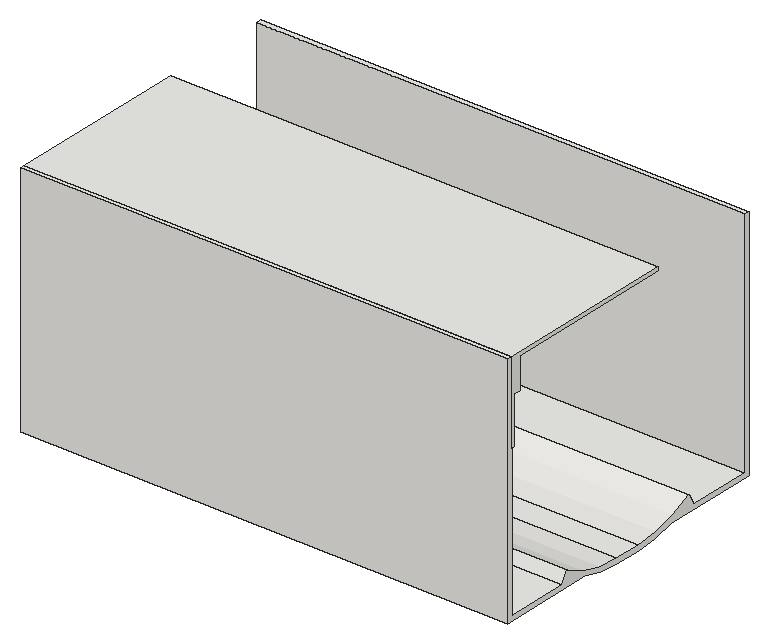
Revit family "Xtech_DécorSystems_CeilingRecess4", category Generic Models, Revit 2014 (continued)
Definition of nested family "Xtech_DécorSystems_DecorativeBridgeAssembly"
  Definition of nested family "Xtech_DécorSystems_DecorativeBridge"
    Lines and regions (mm)
      Masking region 2
        outline origin (0, 0, 0) x (1, 0, 0) y (0, 1, 0)
          loop
            line (36.213, -60) -> (3913.127, -60) -> (3941.105, 0) -> (24.55, 0) -> (36.213, -60)
      Masking region 3, detail levels coarse
        outline origin (0, 0, 0) x (0, 1, 0) y (0, 0, 1)
          loop
            line (-62.75, 0) -> (-2.8, 0) -> (-2.8, 44) -> (-62.75, 44) -> (-62.75, 0)
      reference lines
        curve 1: line (0, 126.3, 0) -> (125.934, -521.574, 0)
        curve 2: line (4000, 126.3, 0) -> (3805.596, -290.602, 0)
    Dimensions and locks
      "Length": plane 3 "Center (Left/Right)" to plane 5
      "Height": plane 4 to plane 2
      "Width": plane 1 "Center (Front/Back)" to plane 6
      locked: plane 9 to plane 1 "Center (Front/Back)" at 126.3
      locked: plane 5 to plane 11 at 50
      locked: plane 10 to plane 3 "Center (Left/Right)" at 50
      "LeftVoidAngle": angle plane 3 "Center (Left/Right)" to curve 1
      "RightVoidAngle": angle curve 2 to plane 5
      aligned and locked: level to plane 2
      aligned and locked: plane 5 to Sweep 1 sketch curve
      aligned and locked: plane 3 "Center (Left/Right)" to Sweep 1 sketch curve
      aligned and locked: plane 5 to Extrusion 2
      aligned and locked: Masking region 2 sketch curve to plane 1 "Center (Front/Back)"
      aligned and locked: Masking region 2 sketch curve to plane 6
      aligned and locked: curve 1 to Masking region 2 sketch curve
      aligned and locked: Masking region 2 sketch curve to curve 2
      aligned and locked: Extrusion 3 sketch curve to plane 9
      aligned and locked: Extrusion 3 sketch curve to curve 1
      aligned and locked: Extrusion 3 sketch curve to plane 10
      aligned and locked: Extrusion 3 sketch curve to plane 7
      aligned and locked: Extrusion 4 sketch curve to curve 2
      aligned and locked: plane 9 to Extrusion 4 sketch curve
      aligned and locked: Extrusion 4 sketch curve to plane 11
      aligned and locked: Extrusion 4 sketch curve to plane 7
      aligned and locked: Sweep 1 sketch curve to plane 6
    Automatic sketch dimensions
      plane 1 "Center (Front/Back)" to Sweep 1 sketch curve = 0 mm
      Sweep 1 sketch curve to level = 0 mm  (x2)
      Sweep 1 sketch curve to profile plane = 0 mm
      profile plane to Sweep 1 sketch curve = 1.582 mm
      Sweep 1 sketch curve to Sweep 1 sketch curve = 0 mm  (x2)
      Sweep 1 sketch curve to Sweep 1 sketch curve = 17.03 mm
      Sweep 1 sketch curve to Sweep 1 sketch curve = 1.637 mm  (x6)
      Sweep 1 sketch curve to Sweep 1 sketch curve = 4.474 mm  (x2)
      Sweep 1 sketch curve to Sweep 1 sketch curve = 7.421 mm
      level to Sweep 1 sketch curve = 3.274 mm
      level to Sweep 1 sketch curve = 24.357 mm
      Sweep 1 sketch curve to Sweep 1 sketch curve = 13.662 mm
      Sweep 1 sketch curve to Sweep 1 sketch curve = 0.327 mm  (x3)
      Sweep 1 sketch curve to Sweep 1 sketch curve = 1.31 mm
      Masking region 1 sketch curve to plane 6 = 0 mm  (x3)
      Masking region 1 sketch curve to plane 4 = 0 mm  (x2)
      Masking region 1 sketch curve to level = 0 mm  (x2)
      Masking region 1 sketch curve to plane 1 "Center (Front/Back)" = 0 mm  (x2)
      Masking region 1 sketch curve to plane 6 = 1.75 mm  (x2)
      Masking region 1 sketch curve to Masking region 1 sketch curve = 1 mm  (x2)
      plane 6 to Masking region 1 sketch curve = 1.637 mm  (x2)
      Masking region 1 sketch curve to plane 4 = 1.637 mm  (x3)
      Masking region 1 sketch curve to Masking region 1 sketch curve = 17.051 mm
      Masking region 1 sketch curve to Masking region 1 sketch curve = 1.637 mm  (x10)
      Masking region 1 sketch curve to Masking region 1 sketch curve = 4.474 mm
      Masking region 1 sketch curve to Masking region 1 sketch curve = 7.421 mm
      Masking region 1 sketch curve to Masking region 1 sketch curve = 16.369 mm
      plane 1 "Center (Front/Back)" to Masking region 1 sketch curve = 4.638 mm  (x2)
      Masking region 1 sketch curve to Masking region 1 sketch curve = 4.638 mm
      plane 1 "Center (Front/Back)" to Masking region 1 sketch curve = 1.582 mm  (x3)
      plane 1 "Center (Front/Back)" to Masking region 1 sketch curve = 0.491 mm
      Masking region 1 sketch curve to Masking region 1 sketch curve = 1.289 mm
      Masking region 1 sketch curve to Masking region 1 sketch curve = 2 mm  (x4)
      Masking region 1 sketch curve to Masking region 1 sketch curve = 4.256 mm
      Masking region 1 sketch curve to Masking region 1 sketch curve = 4.911 mm
      Masking region 1 sketch curve to Masking region 1 sketch curve = 18.006 mm
      Masking region 1 sketch curve to Masking region 1 sketch curve = 12.986 mm
      Masking region 1 sketch curve to Masking region 1 sketch curve = 8.48 mm
      Masking region 1 sketch curve to Masking region 1 sketch curve = 3.82 mm
      Masking region 1 sketch curve to plane 4 = 1.31 mm  (x2)
      Masking region 3 sketch curve to plane 4 = 0 mm
      Extrusion 2 sketch curve to plane 4 = 0 mm  (x2)
      Extrusion 2 sketch curve to level = 0 mm  (x2)
      Extrusion 2 sketch curve to plane 6 = 2.75 mm
      plane 6 to Extrusion 2 sketch curve = 1.637 mm
      Extrusion 2 sketch curve to plane 4 = 1.31 mm  (x2)
      plane 6 to Extrusion 2 sketch curve = 20.325 mm
      Extrusion 2 sketch curve to Extrusion 2 sketch curve = 4.474 mm
      Extrusion 2 sketch curve to Extrusion 2 sketch curve = 7.421 mm
      Extrusion 2 sketch curve to Extrusion 2 sketch curve = 16.369 mm
      plane 1 "Center (Front/Back)" to Extrusion 2 sketch curve = 4.638 mm
      Extrusion 2 sketch curve to Extrusion 2 sketch curve = 1.838 mm
      Extrusion 2 sketch curve to Extrusion 2 sketch curve = 3.274 mm
      Extrusion 2 sketch curve to Extrusion 2 sketch curve = 16.697 mm
      profile plane to Sweep 1 sketch curve = 4.638 mm
      Sweep 1 sketch curve to Sweep 1 sketch curve = 3.056 mm
      Sweep 1 sketch curve to Sweep 1 sketch curve = 10.804 mm
      Sweep 1 sketch curve to Sweep 1 sketch curve = 18.006 mm
      Masking region 3 sketch curve to Masking region 3 sketch curve = 59.95 mm
      Masking region 3 sketch curve to level = 0 mm
      Masking region 3 sketch curve to plane 7 = 0 mm
      curve 1 to plane 3 "Center (Left/Right)" = 0 mm
      curve 2 to plane 5 = 0 mm
      plane 9 to curve 2 = 0 mm
      curve 1 to plane 9 = 0 mm
  Definition of nested family "Xtech_DécorSystems_VerticalDrylining"
    Parameters (values of type "VD")
      Width = 22 mm  # constant formula
      WarrantyStartDate [instance] = "1900-12-31T23:59:59"
      WarrantyGuarantorParts = "n/a"
      WarrantyGuarantorLabor = "n/a"
      WarrantyDurationUnit = "year"
      WarrantyDurationParts = "n/a"
      WarrantyDurationLabor = "n/a"
      WarrantyDescription = "n/a"
      Version = "1"
      Uniclass2 = ""
      TagNumber [instance] = "n/a"
      SustainabilityPerformance = "n/a"
      Size = "n/a"
      Shape = "n/a"
      SerialNumber [instance] = "n/a"
      RightVoidAngle [instance] = 25.00°
      Revision = "n/a"
      ReplacementCost = "n/a"
      ProductInformation = ""
      NominalWidth = 0 mm
      NominalLength = 0 mm
      NominalHeight = 0 mm
      Name = ""
      NBSTypeID = ""
      NBSReference = ""
      NBSOfficeMasterTag = ""
      NBSNote = ""
      NBSDescription = ""
      NBSCertification = ""
      ModelReference = "n/a"
      ModelNumber = "n/a"
      Material = "n/a"
      ManufacturerURL = ""
      ManufacturerName = ""
      Length [instance] = 4000 mm
      LeftVoidAngle [instance] = 30.00°
      InstallationDate [instance] = "1900-12-31T23:59:59"
      IfcExportType = ""
      IfcExportAs = ""
      Height = 35.7 mm  # constant formula
      Grade = "n/a"
      Finish = "n/a"
      Features = "n/a"
      ExpectedLife = "n/a"
      DurationUnit = "year"
      Description = "NBS standard template"
      Constituents = "n/a"
      Color = "n/a"
      CodePerformance = "n/a"
      Category = "n/a"
      BodyMaterial = Xtech_DécorSystems_AluminiumAlloy_White_RAL9016
      BarCode [instance] = "n/a"
      BIMObjectName = "Role_Source_Type_Generic"
      Author = ""
      AssetType = ""
      AssetIdentifier [instance] = "n/a"
      AccessibilityPerformance = "n/a"
    Reference planes
      plane 1 "Center (Front/Back)": y = 0
      plane 2: z = 0
      plane 3 "Center (Left/Right)": x = 0
      plane 4: x = 4000
      plane 5: z = 35.7
      plane 6: y = -22
      plane 7: x = -50
      plane 8: x = 4050
      plane 9: y = 186.3
    Forms (mm)
      Sweep 1, solid, material "Xtech_DécorSystems_AluminiumAlloy_White_RAL9016" <- "BodyMaterial", detail levels medium+fine
        path origin (-1000, 0, 0) x (1, 0, 0) y (0, 1, 0)
          loop
            line (1000, 0) -> (5000, 0)
        profile origin (2000, 0, 0) x (0, 1, 0) y (0, 0, 1)
          loop
            line (-19, 26.5) -> (-22, 26.5) -> (-22, 0) -> (0, 0) -> (0, 35.7) -> (-1.35, 35.7) -> (-1.35, 14.4) -> (-4.25, 14.4) -> (-4.25, 1.5) -> (-19, 1.5) -> (-19, 26.5)
      Extrusion 2, solid, material "Xtech_DécorSystems_AluminiumAlloy_White_RAL9016" <- "BodyMaterial", detail levels coarse
        sketch origin (0, 0, 0) x (0, 1, 0) y (0, 0, 1)
          loop
            line (-4.25, 26.517) -> (-22, 26.517) -> (-22, 0) -> (-2.8, 0) -> (-2.8, 35.7) -> (-4.25, 35.7) -> (-4.25, 26.517)
        from 0 to 4000
      Extrusion 3, void
        sketch origin (0, 0, 0) x (1, 0, 0) y (0, 1, 0)
          loop
            line (-50, 186.3) -> (-50, -22) -> (120.262, -22) -> (0, 186.3) -> (-50, 186.3)
        from 0 to 250
      Extrusion 4, void
        sketch origin (0, 0, 0) x (1, 0, 0) y (0, 1, 0)
          loop
            line (4000, 186.3) -> (3902.868, -22) -> (4050, -22) -> (4050, 186.3) -> (4000, 186.3)
        from 0 to 250
    Cuts and joins
      Extrusion 3, Extrusion 4 cuts Sweep 1
      Extrusion 3, Extrusion 4 cuts Extrusion 2
    Lines and regions (mm)
      Masking region 1, detail levels medium+fine
        outline origin (0, 0, 0) x (0, 1, 0) y (0, 0, 1)
          loop
            line (-19, 26.517) -> (-20.5, 26.517) -> (-20.5, 1.5) -> (-22, 1.5) -> (-22, 0) -> (0, 0) -> (0, 1.5) -> (-2.75, 1.5) -> (-2.75, 12.9) -> (-1.35, 12.9) -> (-1.35, 8.4) -> (-0.35, 8.4) -> (-0.35, 35.7) -> (-1.35, 35.7) -> (-1.35, 14.4) -> (-4.25, 14.4) -> (-4.25, 1.5) -> (-19, 1.5) -> (-19, 26.517)
      Masking region 2
        outline origin (0, 0, 0) x (1, 0, 0) y (0, 1, 0)
          loop
            line (107.56, 0) -> (120.262, -22) -> (3902.868, -22) -> (3913.127, 0) -> (107.56, 0)
      Masking region 3, detail levels coarse
        outline origin (0, 0, 0) x (0, 1, 0) y (0, 0, 1)
          loop
            line (-22, 26.517) -> (-22, 0) -> (-2.8, 0) -> (-2.8, 35.7) -> (-4.25, 35.7) -> (-4.25, 26.517) -> (-22, 26.517)
      reference lines
        curve 1: line (0, 186.3, 0) -> (227.5, -207.742, 0)
        curve 2: line (4000, 186.3, 0) -> (3856.31, -121.845, 0)
    Dimensions and locks
      "Length": plane 3 "Center (Left/Right)" to plane 4
      "Width": plane 1 "Center (Front/Back)" to plane 6
      "Height": plane 5 to plane 2
      locked: plane 7 to plane 3 "Center (Left/Right)" at 50
      locked: plane 4 to plane 8 at 50
      locked: plane 1 "Center (Front/Back)" to plane 9 at 186.3
      "LeftVoidAngle": angle plane 3 "Center (Left/Right)" to curve 1
      "RightVoidAngle": angle curve 2 to plane 4
      aligned and locked: level to plane 2
      aligned and locked: plane 1 "Center (Front/Back)" to Sweep 1 sketch curve
      aligned and locked: Sweep 1 sketch curve to plane 6
      aligned and locked: Sweep 1 sketch curve to profile plane
      aligned and locked: Sweep 1 sketch curve to plane 5
      aligned and locked: plane 4 to Extrusion 2
      aligned and locked: plane 4 to Sweep 1
      aligned and locked: plane 3 "Center (Left/Right)" to Sweep 1 sketch curve
      aligned and locked: Masking region 2 sketch curve to plane 6
      aligned and locked: plane 1 "Center (Front/Back)" to Masking region 2 sketch curve
      aligned and locked: Masking region 3 sketch curve to Extrusion 2  (x6)
      aligned and locked: curve 1 to Masking region 2 sketch curve
      aligned and locked: Extrusion 3 sketch curve to plane 7
      aligned and locked: Extrusion 3 sketch curve to plane 9
      aligned and locked: Extrusion 3 sketch curve to curve 1
      aligned and locked: Extrusion 3 sketch curve to plane 6
      aligned and locked: curve 2 to Masking region 2 sketch curve
      aligned and locked: Extrusion 4 sketch curve to curve 2
      aligned and locked: plane 9 to Extrusion 4 sketch curve
      aligned and locked: Extrusion 4 sketch curve to plane 8
      aligned and locked: plane 6 to Extrusion 4 sketch curve
    Automatic sketch dimensions
      Sweep 1 sketch curve to level = 0 mm
      Sweep 1 sketch curve to Sweep 1 sketch curve = 3 mm
      level to Sweep 1 sketch curve = 1.5 mm
      profile plane to Sweep 1 sketch curve = 1.35 mm
      Sweep 1 sketch curve to Sweep 1 sketch curve = 12.1 mm
      Masking region 1 sketch curve to plane 6 = 0 mm
      Masking region 1 sketch curve to plane 5 = 0 mm
      Masking region 1 sketch curve to plane 1 "Center (Front/Back)" = 0 mm
      Masking region 1 sketch curve to level = 0 mm
      Masking region 1 sketch curve to Masking region 1 sketch curve = 1.5 mm  (x4)
      level to Masking region 1 sketch curve = 1.5 mm  (x3)
      plane 1 "Center (Front/Back)" to Masking region 1 sketch curve = 4.25 mm
      plane 1 "Center (Front/Back)" to Masking region 1 sketch curve = 1.35 mm  (x2)
      plane 1 "Center (Front/Back)" to Masking region 1 sketch curve = 0.35 mm
      Masking region 1 sketch curve to Masking region 1 sketch curve = 6.9 mm
      Masking region 1 sketch curve to Masking region 1 sketch curve = 4.5 mm
      Masking region 1 sketch curve to plane 5 = 9.183 mm
      Extrusion 2 sketch curve to level = 0 mm
      plane 1 "Center (Front/Back)" to Extrusion 2 sketch curve = 4.25 mm
      Extrusion 2 sketch curve to plane 5 = 9.183 mm
      Extrusion 2 sketch curve to plane 6 = 0 mm
      plane 1 "Center (Front/Back)" to Extrusion 2 sketch curve = 2.8 mm
      Extrusion 2 sketch curve to plane 5 = 0 mm
      Sweep 1 sketch curve to plane 4 = 0 mm
      Sweep 1 sketch curve to Sweep 1 sketch curve = 2.9 mm
      Sweep 1 sketch curve to Sweep 1 sketch curve = 12.9 mm
      curve 1 to plane 3 "Center (Left/Right)" = 0 mm
      curve 2 to plane 4 = 0 mm
      plane 9 to curve 2 = 0 mm
      curve 1 to plane 9 = 0 mm
  Definition of nested family "Xtech_DécorSystems_HorizontalDrylining"
    Parameters (values of type "HD")
      Width = 29 mm  # constant formula
      WarrantyStartDate [instance] = "1900-12-31T23:59:59"
      WarrantyGuarantorParts = "n/a"
      WarrantyGuarantorLabor = "n/a"
      WarrantyDurationUnit = "year"
      WarrantyDurationParts = "n/a"
      WarrantyDurationLabor = "n/a"
      WarrantyDescription = "n/a"
      Version = "1"
      Uniclass2 = ""
      TagNumber [instance] = "n/a"
      SustainabilityPerformance = "n/a"
      Size = "n/a"
      Shape = "n/a"
      SerialNumber [instance] = "n/a"
      RightVoidAngle [instance] = 22.00°
      Revision = "n/a"
      ReplacementCost = "n/a"
      ProductInformation = ""
      NominalWidth = 0 mm
      NominalLength = 0 mm
      NominalHeight = 0 mm
      Name = ""
      NBSTypeID = ""
      NBSReference = ""
      NBSOfficeMasterTag = ""
      NBSNote = ""
      NBSDescription = ""
      NBSCertification = ""
      ModelReference = "n/a"
      ModelNumber = "n/a"
      Material = "n/a"
      ManufacturerURL = ""
      ManufacturerName = ""
      Length [instance] = 4000 mm
      LeftVoidAngle [instance] = 29.00°
      InstallationDate [instance] = "1900-12-31T23:59:59"
      IfcExportType = ""
      IfcExportAs = ""
      Height = 35.4 mm  # constant formula
      Grade = "n/a"
      Finish = "n/a"
      Features = "n/a"
      ExpectedLife = "n/a"
      DurationUnit = "year"
      Description = "NBS standard template"
      Constituents = "n/a"
      Color = "n/a"
      CodePerformance = "n/a"
      Category = "n/a"
      BodyMaterial = Xtech_DécorSystems_AluminiumAlloy_White_RAL9016
      BarCode [instance] = "n/a"
      BIMObjectName = "Role_Source_Type_Generic"
      Author = ""
      AssetType = ""
      AssetIdentifier [instance] = "n/a"
      AccessibilityPerformance = "n/a"
    Reference planes
      plane 1 "Center (Front/Back)": y = 0
      plane 2: z = 0
      plane 3 "Center (Left/Right)": x = 0
      plane 4: x = 4000
      plane 5: y = -29
      plane 6: z = 35.4
      plane 7: y = 186.3
      plane 8: x = -50
      plane 9: x = 4050
    Forms (mm)
      Sweep 1, solid, material "Xtech_DécorSystems_AluminiumAlloy_White_RAL9016" <- "BodyMaterial", detail levels medium+fine
        path origin (0, 0, 0) x (1, 0, 0) y (0, 1, 0)
          loop
            line (0, 0) -> (4000, 0)
        profile origin (2000, 0, 0) x (0, 1, 0) y (0, 0, 1)
          loop
            line (-4.289, 14.531) -> (-4.289, 3.03) -> (-29, 3.03) -> (-29, 1.277) -> (-1.515, 1.277) -> (-1.515, 0) -> (0, 0) -> (0, 35.4) -> (-1.364, 35.4) -> (-1.364, 14.531) -> (-4.289, 14.531)
      Extrusion 2, solid, material "Xtech_DécorSystems_AluminiumAlloy_White_RAL9016" <- "BodyMaterial", detail levels coarse
        sketch origin (0, 0, 0) x (0, 1, 0) y (0, 0, 1)
          loop
            line (-29, 3.03) -> (-29, 0) -> (-2.8, 0) -> (-2.8, 35.4) -> (-4.289, 35.4) -> (-4.289, 3.03) -> (-29, 3.03)
        from 0 to 4000
      Extrusion 3, void
        sketch origin (0, 0, 0) x (1, 0, 0) y (0, 1, 0)
          loop
            line (0, 186.3) -> (-50, 186.3) -> (-50, -29) -> (119.343, -29) -> (0, 186.3)
        from 0 to 150
      Extrusion 4, void
        sketch origin (0, 0, 0) x (1, 0, 0) y (0, 1, 0)
          loop
            line (4000, 186.3) -> (3913.013, -29) -> (4050, -29) -> (4050, 186.3) -> (4000, 186.3)
        from 0 to 150
    Cuts and joins
      Extrusion 3, Extrusion 4 cuts Sweep 1
      Extrusion 3, Extrusion 4 cuts Extrusion 2
    Lines and regions (mm)
      Masking region 1, detail levels coarse
        outline origin (0, 0, 0) x (0, 1, 0) y (0, 0, 1)
          loop
            line (-29, 3.03) -> (-29, 0) -> (-2.8, 0) -> (-2.8, 35.4) -> (-4.289, 35.4) -> (-4.289, 3.03) -> (-29, 3.03)
      Masking region 2, detail levels medium+fine
        outline origin (0, 0, 0) x (0, 1, 0) y (0, 0, 1)
          loop
            line (-4.289, 14.531) -> (-4.289, 3.03) -> (-29, 3.03) -> (-29, 1.277) -> (-1.515, 1.277) -> (-1.515, 0) -> (0, 0) -> (0, 3.03) -> (-2.776, 3.03) -> (-2.776, 13.017) -> (-1.364, 13.017) -> (-1.364, 8.477) -> (-0.355, 8.477) -> (-0.355, 35.4) -> (-1.364, 35.4) -> (-1.364, 14.531) -> (-4.289, 14.531)
      Masking region 3
        outline origin (0, 0, 0) x (1, 0, 0) y (0, 1, 0)
          loop
            line (119.343, -29) -> (3913.013, -29) -> (3924.73, 0) -> (103.268, 0) -> (119.343, -29)
      reference lines
        curve 1: line (0, 186.3, 0) -> (155.139, -93.578, 0)
        curve 2: line (4000, 186.3, 0) -> (3827.681, -240.205, 0)
    Dimensions and locks
      "Length": plane 4 to plane 3 "Center (Left/Right)"
      "Width": plane 1 "Center (Front/Back)" to plane 5
      "Height": plane 6 to plane 2
      locked: plane 1 "Center (Front/Back)" to Masking region 1 sketch curve at 2.8
      locked: plane 7 to plane 1 "Center (Front/Back)" at 186.3
      locked: plane 8 to plane 3 "Center (Left/Right)" at 50
      locked: plane 4 to plane 9 at 50
      "LeftVoidAngle": angle plane 3 "Center (Left/Right)" to curve 1
      "RightVoidAngle": angle curve 2 to plane 4
      aligned and locked: level to plane 2
      aligned and locked: plane 4 to Sweep 1 sketch curve
      aligned and locked: plane 3 "Center (Left/Right)" to Sweep 1 sketch curve
      aligned and locked: plane 1 "Center (Front/Back)" to Sweep 1 sketch curve
      aligned and locked: Sweep 1 sketch curve to profile plane  (x2)
      aligned and locked: Sweep 1 sketch curve to plane 5
      aligned and locked: plane 6 to Sweep 1
      aligned and locked: plane 4 to Extrusion 2
      aligned and locked: Masking region 3 sketch curve to plane 5
      aligned and locked: Masking region 3 sketch curve to plane 1 "Center (Front/Back)"
      aligned and locked: Extrusion 2 sketch curve to Masking region 1
      aligned and locked: curve 1 to Masking region 3 sketch curve
      aligned and locked: Extrusion 3 sketch curve to plane 7
      aligned and locked: Extrusion 3 sketch curve to curve 1
      aligned and locked: Extrusion 3 sketch curve to plane 5
      aligned and locked: Extrusion 3 sketch curve to plane 8
      aligned and locked: Masking region 3 sketch curve to curve 2
      aligned and locked: Extrusion 4 sketch curve to curve 2
      aligned and locked: Extrusion 4 sketch curve to plane 9
      aligned and locked: cut or joined group of Extrusion 2, Extrusion 3, Extrusion 4 to Extrusion 4 sketch curve
      aligned and locked: Extrusion 4 sketch curve to plane 7
    Automatic sketch dimensions
      Sweep 1 sketch curve to Sweep 1 sketch curve = 1.515 mm
      level to Sweep 1 sketch curve = 3.03 mm
      level to Sweep 1 sketch curve = 1.277 mm
      Sweep 1 sketch curve to Sweep 1 sketch curve = 34.123 mm
      Sweep 1 sketch curve to Sweep 1 sketch curve = 20.869 mm
      level to Extrusion 2 sketch curve = 3.03 mm
      Extrusion 2 sketch curve to plane 6 = 0 mm
      Extrusion 2 sketch curve to plane 5 = 0 mm
      Extrusion 2 sketch curve to level = 0 mm
      plane 1 "Center (Front/Back)" to Extrusion 2 sketch curve = 4.289 mm
      Masking region 1 sketch curve to plane 5 = 0 mm
      Masking region 1 sketch curve to plane 6 = 0 mm
      Masking region 1 sketch curve to level = 0 mm
      plane 1 "Center (Front/Back)" to Masking region 1 sketch curve = 4.289 mm
      level to Masking region 1 sketch curve = 3.03 mm
      Masking region 2 sketch curve to plane 5 = 0 mm
      Masking region 2 sketch curve to level = 0 mm
      Masking region 2 sketch curve to plane 6 = 0 mm
      Masking region 2 sketch curve to plane 1 "Center (Front/Back)" = 0 mm
      plane 1 "Center (Front/Back)" to Masking region 2 sketch curve = 4.289 mm
      Masking region 2 sketch curve to Masking region 2 sketch curve = 1.513 mm  (x2)
      plane 1 "Center (Front/Back)" to Masking region 2 sketch curve = 1.515 mm
      plane 1 "Center (Front/Back)" to Masking region 2 sketch curve = 1.364 mm  (x2)
      plane 1 "Center (Front/Back)" to Masking region 2 sketch curve = 0.355 mm
      level to Masking region 2 sketch curve = 1.277 mm
      level to Masking region 2 sketch curve = 3.03 mm
      Masking region 2 sketch curve to Masking region 2 sketch curve = 1.753 mm
      Masking region 2 sketch curve to Masking region 2 sketch curve = 5.448 mm
      Masking region 2 sketch curve to Masking region 2 sketch curve = 4.54 mm
      profile plane to Sweep 1 sketch curve = 4.289 mm
      Sweep 1 sketch curve to Sweep 1 sketch curve = 1.364 mm
      curve 1 to plane 3 "Center (Left/Right)" = 0 mm
      curve 2 to plane 4 = 0 mm
      plane 7 to curve 2 = 0 mm
      plane 7 to curve 1 = 0 mm
  Definition of nested family "Xtech_DécorSystems_Plain"
    Parameters (values of type "PT")
      Width = 25 mm  # constant formula
      WarrantyStartDate [instance] = "1900-12-31T23:59:59"
      WarrantyGuarantorParts = "n/a"
      WarrantyGuarantorLabor = "n/a"
      WarrantyDurationUnit = "year"
      WarrantyDurationParts = "n/a"
      WarrantyDurationLabor = "n/a"
      WarrantyDescription = "n/a"
      Version = "1"
      Uniclass2 = ""
      TagNumber [instance] = "n/a"
      SustainabilityPerformance = "n/a"
      Size = "n/a"
      Shape = "n/a"
      SerialNumber [instance] = "n/a"
      RightVoidAngle [instance] = 23.00°
      Revision = "n/a"
      ReplacementCost = "n/a"
      ProductInformation = ""
      NominalWidth = 0 mm
      NominalLength = 0 mm
      NominalHeight = 0 mm
      Name = ""
      NBSTypeID = ""
      NBSReference = ""
      NBSOfficeMasterTag = ""
      NBSNote = ""
      NBSDescription = ""
      NBSCertification = ""
      ModelReference = "n/a"
      ModelNumber = "n/a"
      Material = "n/a"
      ManufacturerURL = ""
      ManufacturerName = ""
      Length [instance] = 4000 mm
      LeftVoidAngle [instance] = 25.00°
      InstallationDate [instance] = "1900-12-31T23:59:59"
      IfcExportType = ""
      IfcExportAs = ""
      Height = 36 mm  # constant formula
      Grade = "n/a"
      Finish = "n/a"
      Features = "n/a"
      ExpectedLife = "n/a"
      DurationUnit = "year"
      Description = "NBS standard template"
      Constituents = "n/a"
      Color = "n/a"
      CodePerformance = "n/a"
      Category = "n/a"
      BodyMaterial = Xtech_DécorSystems_AluminiumAlloy_White_RAL9016
      BarCode [instance] = "n/a"
      BIMObjectName = "Role_Source_Type_Generic"
      Author = ""
      AssetType = ""
      AssetIdentifier [instance] = "n/a"
      AccessibilityPerformance = "n/a"
    Reference planes
      plane 1 "Center (Front/Back)": y = 0
      plane 2: z = 0
      plane 3 "Center (Left/Right)": x = 0
      plane 4: x = 4000
      plane 5: y = -25
      plane 6: z = 36
      plane 7: y = 186.3
      plane 8: x = -50
      plane 9: x = 4050
    Forms (mm)
      Sweep 1, solid, material "Xtech_DécorSystems_AluminiumAlloy_White_RAL9016" <- "BodyMaterial", detail levels medium+fine
        path origin (0, 0, 0) x (1, 0, 0) y (0, 1, 0)
          loop
            line (4000, 0) -> (0, 0)
        profile origin (2000, 0, 0) x (0, -1, 0) y (0, 0, 1)
          loop
            line (25, 1.513) -> (4.303, 1.513) -> (4.303, 14.529) -> (1.377, 14.529) -> (1.377, 36) -> (0, 36) -> (0, 0) -> (25, 0) -> (25, 1.513)
      Extrusion 2, solid, material "Xtech_DécorSystems_AluminiumAlloy_White_RAL9016" <- "BodyMaterial", detail levels coarse
        sketch origin (0, 0, 0) x (0, 1, 0) y (0, 0, 1)
          loop
            line (-25, 1.513) -> (-25, 0) -> (-2.8, 0) -> (-2.8, 36) -> (-4.303, 36) -> (-4.303, 1.513) -> (-25, 1.513)
        from 0 to 4000
      Extrusion 3, void
        sketch origin (0, 0, 0) x (1, 0, 0) y (0, 1, 0)
          loop
            line (4000, 186.3) -> (3910.308, -25) -> (4050, -25) -> (4050, 186.3) -> (4000, 186.3)
        from 0 to 150
      Extrusion 4, void
        sketch origin (0, 0, 0) x (1, 0, 0) y (0, 1, 0)
          loop
            line (-50, 186.3) -> (-50, -25) -> (98.531, -25) -> (0, 186.3) -> (-50, 186.3)
        from 0 to 150
    Cuts and joins
      Extrusion 3, Extrusion 4 cuts Sweep 1
      Extrusion 3, Extrusion 4 cuts Extrusion 2
    Lines and regions (mm)
      Masking region 1
        outline origin (0, 0, 0) x (1, 0, 0) y (0, 1, 0)
          loop
            line (98.531, -25) -> (3910.308, -25) -> (3919.732, -2.8) -> (88.179, -2.8) -> (98.531, -25)
      Masking region 2, detail levels medium+fine
        outline origin (0, 0, 0) x (0, 1, 0) y (0, 0, 1)
          loop
            line (-25, 1.513) -> (-25, 0) -> (0, 0) -> (0, 1.513) -> (-2.789, 1.513) -> (-2.789, 13.016) -> (-1.377, 13.016) -> (-1.377, 8.475) -> (-0.368, 8.475) -> (-0.368, 36) -> (-1.377, 36) -> (-1.377, 14.529) -> (-4.303, 14.529) -> (-4.303, 1.513) -> (-25, 1.513)
      Masking region 3, detail levels coarse
        outline origin (0, 0, 0) x (0, 1, 0) y (0, 0, 1)
          loop
            line (-25, 1.513) -> (-25, 0) -> (-2.8, 0) -> (-2.8, 36) -> (-4.303, 36) -> (-4.303, 1.513) -> (-25, 1.513)
      reference lines
        curve 1: line (0, 186.3, 0) -> (160.595, -158.097, 0)
        curve 2: line (4000, 186.3, 0) -> (3863.244, -135.877, 0)
    Dimensions and locks
      "Length": plane 3 "Center (Left/Right)" to plane 4
      "Height": plane 6 to plane 2
      "Width": plane 1 "Center (Front/Back)" to plane 5
      locked: plane 1 "Center (Front/Back)" to Masking region 1 sketch curve at 2.8
      locked: plane 1 "Center (Front/Back)" to plane 7 at 186.3
      locked: plane 8 to plane 3 "Center (Left/Right)" at 50
      plane 4 to plane 9 = 50 mm
      "LeftVoidAngle": angle plane 3 "Center (Left/Right)" to curve 1
      "RightVoidAngle": angle curve 2 to plane 4
      aligned and locked: level to plane 2
      aligned and locked: plane 3 "Center (Left/Right)" to Sweep 1 sketch curve
      aligned and locked: plane 4 to Sweep 1 sketch curve
      aligned and locked: Sweep 1 sketch curve to plane 6
      aligned and locked: profile plane to Sweep 1 sketch curve
      aligned and locked: Sweep 1 sketch curve to plane 5
      aligned and locked: Sweep 1 sketch curve to profile plane
      aligned and locked: Extrusion 2 to plane 3 "Center (Left/Right)"
      aligned and locked: Extrusion 2 to plane 4
      aligned and locked: Sweep 1 to Masking region 1 sketch curve
      aligned and locked: curve 1 to Masking region 1 sketch curve
      aligned and locked: Masking region 1 sketch curve to curve 2
      aligned and locked: Extrusion 3 sketch curve to curve 2
      aligned and locked: Extrusion 3 sketch curve to plane 7
      aligned and locked: Extrusion 2 to Extrusion 3 sketch curve
      aligned and locked: Extrusion 3 sketch curve to plane 9
      aligned and locked: Extrusion 4 sketch curve to plane 8
      aligned and locked: Extrusion 4 sketch curve to plane 5
      aligned and locked: Extrusion 4 sketch curve to plane 7
      aligned and locked: Extrusion 4 sketch curve to curve 1
    Automatic sketch dimensions
      plane 1 "Center (Front/Back)" to Sweep 1 sketch curve = 0 mm
      Sweep 1 sketch curve to profile plane = 1.377 mm
      level to Sweep 1 sketch curve = 1.513 mm
      Extrusion 2 sketch curve to level = 0 mm
      Extrusion 2 sketch curve to plane 5 = 0 mm
      Extrusion 2 sketch curve to plane 6 = 0 mm
      plane 1 "Center (Front/Back)" to Extrusion 2 sketch curve = 4.303 mm
      Extrusion 2 sketch curve to Extrusion 2 sketch curve = 1.513 mm
      Masking region 2 sketch curve to level = 0 mm
      Masking region 2 sketch curve to plane 5 = 0 mm
      Masking region 2 sketch curve to plane 6 = 0 mm
      Masking region 2 sketch curve to plane 1 "Center (Front/Back)" = 0 mm
      plane 1 "Center (Front/Back)" to Masking region 2 sketch curve = 4.303 mm
      Masking region 2 sketch curve to Masking region 2 sketch curve = 1.513 mm  (x2)
      plane 1 "Center (Front/Back)" to Masking region 2 sketch curve = 1.377 mm  (x2)
      plane 1 "Center (Front/Back)" to Masking region 2 sketch curve = 0.368 mm
      level to Masking region 2 sketch curve = 1.513 mm  (x2)
      Masking region 2 sketch curve to Masking region 2 sketch curve = 6.962 mm
      Masking region 2 sketch curve to Masking region 2 sketch curve = 4.54 mm
      Masking region 3 sketch curve to plane 5 = 0 mm
      Masking region 3 sketch curve to plane 6 = 0 mm
      Masking region 3 sketch curve to level = 0 mm
      plane 1 "Center (Front/Back)" to Masking region 3 sketch curve = 2.8 mm
      level to Masking region 3 sketch curve = 1.513 mm
      plane 1 "Center (Front/Back)" to Masking region 3 sketch curve = 4.303 mm
      Extrusion 2 sketch curve to Extrusion 2 sketch curve = 1.503 mm
      Sweep 1 sketch curve to Sweep 1 sketch curve = 2.926 mm
      Sweep 1 sketch curve to Sweep 1 sketch curve = 13.016 mm
      curve 1 to plane 3 "Center (Left/Right)" = 0 mm
      curve 2 to plane 4 = 0 mm
      curve 2 to plane 7 = 0 mm
      curve 1 to plane 7 = 0 mm
